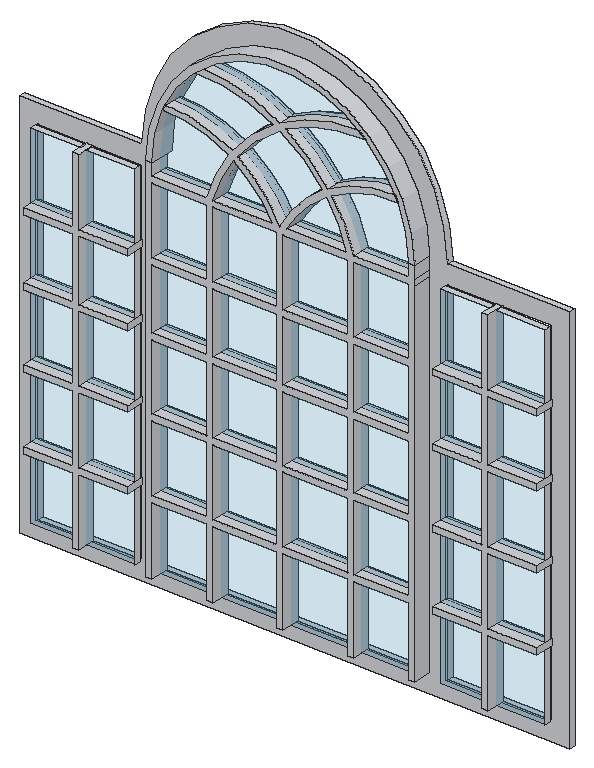
Revit family
Parameters (values of type "yachtclub4")
  Height = 4' - 10"
  Default Sill Height = 3' - 0"
  Trim Projection = 0' - 1"
  Trim Width = 0' - 3"
  Wall Closure = (empty or 0)
  Width = 7' - 0"
  Assembly Code = ""
Reference planes (in)
  plane 1: y = 0
  plane 2 "Center (Left/Right)": x = 0
  plane 3 "Left": x = -42
  plane 4 "Right": x = 42
  plane 5 "Bottom": z = 36
  plane 6 "Top": z = 94
  plane 7 "Exterior": y = 3
  plane 8 "Interior": y = -3
Forms (in)
  Extrusion 1, solid
    sketch origin (90, 3, 0) x (-1, 0, 0) y (0, 0, 1)
      loop
        line (48, 94) -> (48, 36) -> (65, 36) -> (65, 94) -> (48, 94)
      loop
        line (132, 94) -> (115, 94) -> (115, 36) -> (132, 36) -> (132, 94)
      loop
        line (45, 97) -> (45, 33) -> (135, 33) -> (135, 97) -> (115, 97)
        arc (115, 97) -> (90, 122) -> (65, 97) r 25
        line (65, 97) -> (45, 97)
      loop
        arc (112, 97) -> (90, 119) -> (68, 97) r 22
        line (68, 97) -> (68, 94) -> (68, 36) -> (112, 36) -> (112, 94) -> (112, 97)
    from 0 to 1
  Extrusion 2, solid
    sketch origin (0, 3, 0) x (1, 0, 0) y (0, 0, 1)
      loop
        arc (22, 97) -> (0, 119) -> (-22, 97) r 22
        line (-22, 97) -> (-21, 97)
        arc (-21, 97) -> (0, 118) -> (21, 97) r 21
        line (21, 97) -> (22, 97)
    from -1 to 3
  Extrusion 3, solid
    sketch origin (0, 3, 0) x (1, 0, 0) y (0, 0, 1)
      loop
        line (-11, 36) -> (-11, 47.17412) -> (-0.5, 47.17412) -> (-0.5, 36) -> (0.5, 36) -> (0.5, 47.17412) -> (11, 47.17412) -> (11, 36) -> (12, 36) -> (12, 47.17412) -> (21, 47.17412) -> (21, 36) -> (22, 36) -> (22, 94) -> (22, 95) -> (22, 97) -> (21, 97) -> (21, 94.98949) -> (12.001, 94.98949)
        arc (12.001, 94.98949) -> (10.50244, 98.89327) -> (8.39712, 102.50613) r 25.98482
        arc (8.39712, 102.50613) -> (13.64226, 104.6923) -> (19.29016, 105.31844) r 20.0416
        line (19.29016, 105.31844) -> (18.82091, 106.30849)
        arc (18.82091, 106.30849) -> (13.1115, 105.56778) -> (7.8167, 103.30701) r 21.03725
        arc (7.8167, 103.30701) -> (4.68228, 106.77053) -> (0.97843, 109.61695) r 25.98681
        arc (0.97843, 109.61695) -> (7.28632, 112.01668) -> (14.00633, 112.64091) r 24.98948
        line (14.00633, 112.64091) -> (12.98445, 113.6688)
        arc (12.98445, 113.6688) -> (6.26552, 112.7977) -> (0, 110.21969) r 25.99082
        arc (0, 110.21969) -> (-6.26552, 112.7977) -> (-12.98445, 113.6688) r 25.99082
        line (-12.98445, 113.6688) -> (-14.00725, 112.64589)
        arc (-14.00725, 112.64589) -> (-7.29033, 112.02223) -> (-0.98492, 109.62477) r 24.99082
        arc (-0.98492, 109.62477) -> (-4.69023, 106.77648) -> (-7.82555, 103.31066) r 25.99071
        arc (-7.82555, 103.31066) -> (-13.11738, 105.56964) -> (-18.82334, 106.31019) r 21.0348
        line (-18.82334, 106.31019) -> (-19.28478, 105.32405)
        arc (-19.28478, 105.32405) -> (-13.64097, 104.70087) -> (-8.39823, 102.52034) r 20.04843
        arc (-8.39823, 102.52034) -> (-10.50003, 98.90726) -> (-11.99549, 95.004) r 25.99183
        line (-11.99549, 95.004) -> (-21, 95.004) -> (-21, 97) -> (-22, 97) -> (-22, 95) -> (-22, 94) -> (-22, 58) -> (-22, 36) -> (-21, 36) -> (-21, 47.17412) -> (-12, 47.17412) -> (-12, 36) -> (-11, 36)
      loop
        line (11, 94) -> (0.5, 94) -> (0.5, 83) -> (11, 83) -> (11, 94)
      loop
        line (12, 94) -> (12, 83) -> (21, 83) -> (21, 94) -> (12, 94)
      loop
        line (-0.5, 94) -> (-11, 94) -> (-11, 83) -> (-0.5, 83) -> (-0.5, 94)
      loop
        line (-10.96546, 94.99999) -> (-1.13547, 94.99999)
        arc (-1.13547, 94.99999) -> (-3.93313, 98.86798) -> (-7.56644, 101.96433) r 20.03477
        arc (-7.56644, 101.96433) -> (-9.53754, 98.61471) -> (-10.96546, 94.99999) r 24.99074
      loop
        line (-12, 94) -> (-21, 94) -> (-21, 83) -> (-12, 83) -> (-12, 94)
      loop
        line (1.12553, 95.00894) -> (10.9555, 95.00894)
        arc (10.9555, 95.00894) -> (9.53032, 98.62679) -> (7.56123, 101.97978) r 24.99272
        arc (7.56123, 101.97978) -> (3.92498, 98.88065) -> (1.12553, 95.00894) r 20.04284
      loop
        line (21, 82) -> (12, 82) -> (12, 72) -> (21, 72) -> (21, 82)
      loop
        line (21, 71) -> (12, 71) -> (12, 60.17412) -> (21, 60.17412) -> (21, 71)
      loop
        line (21, 48.17412) -> (21, 59.17412) -> (12, 59.17412) -> (12, 48.17412) -> (21, 48.17412)
      loop
        line (11, 82) -> (0.5, 82) -> (0.5, 72) -> (11, 72) -> (11, 82)
      loop
        line (-21, 82) -> (-21, 72) -> (-12, 72) -> (-12, 82) -> (-21, 82)
      loop
        line (-0.5, 82) -> (-11, 82) -> (-11, 72) -> (-0.5, 72) -> (-0.5, 82)
      loop
        line (-12, 71) -> (-21, 71) -> (-21, 60.17412) -> (-12, 60.17412) -> (-12, 71)
      loop
        line (-12, 59.17412) -> (-21, 59.17412) -> (-21, 48.17412) -> (-12, 48.17412) -> (-12, 59.17412)
      loop
        line (-0.5, 71) -> (-11, 71) -> (-11, 60.17412) -> (-0.5, 60.17412) -> (-0.5, 71)
      loop
        line (-0.5, 59.17412) -> (-11, 59.17412) -> (-11, 48.17412) -> (-0.5, 48.17412) -> (-0.5, 59.17412)
      loop
        line (11, 71) -> (0.5, 71) -> (0.5, 60.17412) -> (11, 60.17412) -> (11, 71)
      loop
        line (11, 59.17412) -> (0.5, 59.17412) -> (0.5, 48.17412) -> (11, 48.17412) -> (11, 59.17412)
      loop
        arc (-0.00491, 94.99572) -> (2.99497, 99.32538) -> (6.97639, 102.77407) r 21.03647
        arc (6.97639, 102.77407) -> (3.78606, 106.24606) -> (0.00034, 109.05696) r 24.98994
        arc (0.00034, 109.05696) -> (-3.78886, 106.24344) -> (-6.98153, 102.7677) r 24.99064
        arc (-6.98153, 102.7677) -> (-3.00311, 99.32167) -> (-0.00491, 94.99572) r 21.03122
    from 0 to 3
  Extrusion 4, solid
    sketch origin (0, 3, 0) x (1, 0, 0) y (0, 0, 1)
      loop
        line (25, 83) -> (25, 82) -> (33, 82) -> (33, 72) -> (25, 72) -> (25, 71) -> (33, 71) -> (33, 60) -> (25, 60) -> (25, 59) -> (33, 59) -> (33, 48) -> (25, 48) -> (25, 47) -> (33, 47) -> (33, 36) -> (34, 36) -> (34, 47) -> (42, 47) -> (42, 48) -> (34, 48) -> (34, 59) -> (42, 59) -> (42, 60) -> (34, 60) -> (34, 71) -> (42, 71) -> (42, 72) -> (34, 72) -> (34, 82) -> (42, 82) -> (42, 83) -> (34, 83) -> (34, 94) -> (33, 94) -> (33, 83) -> (25, 83)
    from 0 to 3
  Extrusion 5, solid
    sketch origin (-67, 3, 0) x (1, 0, 0) y (0, 0, 1)
      loop
        line (25, 83) -> (25, 82) -> (33, 82) -> (33, 72) -> (25, 72) -> (25, 71) -> (33, 71) -> (33, 60) -> (25, 60) -> (25, 59) -> (33, 59) -> (33, 48) -> (25, 48) -> (25, 47) -> (33, 47) -> (33, 36) -> (34, 36) -> (34, 47) -> (42, 47) -> (42, 48) -> (34, 48) -> (34, 59) -> (42, 59) -> (42, 60) -> (34, 60) -> (34, 71) -> (42, 71) -> (42, 72) -> (34, 72) -> (34, 82) -> (42, 82) -> (42, 83) -> (34, 83) -> (34, 94) -> (33, 94) -> (33, 83) -> (25, 83)
    from 0 to 3
  Extrusion 6, solid
    sketch origin (90, 4, 0) x (-1, 0, 0) y (0, 0, 1)
      loop
        line (48, 94) -> (48, 83) -> (56, 83) -> (56, 94) -> (48, 94)
    from -2.437 to -1.437
  Extrusion 7, solid
    sketch origin (90, 4, 0) x (-1, 0, 0) y (0, 0, 1)
      loop
        line (57, 94) -> (57, 83) -> (65, 83) -> (65, 94) -> (57, 94)
      loop
        line (48, 82) -> (48, 72) -> (56, 72) -> (56, 82) -> (48, 82)
    from -2.437 to -1.437
  Extrusion 8, solid
    sketch origin (90, 4, 0) x (-1, 0, 0) y (0, 0, 1)
      loop
        line (57, 82) -> (57, 72) -> (65, 72) -> (65, 82) -> (57, 82)
      loop
        line (56, 71) -> (48, 71) -> (48, 60) -> (56, 60) -> (56, 71)
      loop
        line (57, 71) -> (57, 60) -> (65, 60) -> (65, 71) -> (57, 71)
      loop
        line (48, 59) -> (48, 48) -> (56, 48) -> (56, 59) -> (48, 59)
      loop
        line (57, 59) -> (57, 48) -> (65, 48) -> (65, 59) -> (57, 59)
      loop
        line (48, 47) -> (48, 36) -> (56, 36) -> (56, 47) -> (48, 47)
      loop
        line (57, 47) -> (57, 36) -> (65, 36) -> (65, 47) -> (57, 47)
    from -2.437 to -1.437
  Extrusion 9, solid
    sketch origin (90, 4, 0) x (-1, 0, 0) y (0, 0, 1)
      loop
        line (69, 94) -> (69, 83) -> (78, 83) -> (78, 94) -> (69, 94)
      loop
        line (79, 94) -> (79, 83) -> (89.5, 83) -> (89.5, 94) -> (79, 94)
      loop
        line (90.5, 94) -> (90.5, 83) -> (101, 83) -> (101, 94) -> (90.5, 94)
      loop
        line (102, 94) -> (102, 83) -> (111, 83) -> (111, 94) -> (102, 94)
      loop
        line (115, 94) -> (115, 83) -> (123, 83) -> (123, 94) -> (115, 94)
      loop
        line (124, 94) -> (124, 83) -> (132, 83) -> (132, 94) -> (124, 94)
      loop
        line (69, 82) -> (69, 72) -> (78, 72) -> (78, 82) -> (69, 82)
      loop
        line (79, 82) -> (79, 72) -> (89.5, 72) -> (89.5, 82) -> (79, 82)
      loop
        line (90.5, 82) -> (90.5, 72) -> (101, 72) -> (101, 82) -> (90.5, 82)
      loop
        line (102, 82) -> (102, 72) -> (111, 72) -> (111, 82) -> (102, 82)
      loop
        line (115, 82) -> (115, 72) -> (123, 72) -> (123, 82) -> (115, 82)
      loop
        line (124, 82) -> (124, 72) -> (132, 72) -> (132, 82) -> (124, 82)
      loop
        line (69, 71) -> (69, 60.17412) -> (78, 60.17412) -> (78, 71) -> (69, 71)
      loop
        line (79, 71) -> (79, 60.17412) -> (89.5, 60.17412) -> (89.5, 71) -> (79, 71)
      loop
        line (90.5, 71) -> (90.5, 60.17412) -> (101, 60.17412) -> (101, 71) -> (90.5, 71)
      loop
        line (102, 60.17412) -> (111, 60.17412) -> (111, 71) -> (102, 71) -> (102, 60.17412)
      loop
        line (69, 48.17412) -> (78, 48.17412) -> (78, 59.17412) -> (69, 59.17412) -> (69, 48.17412)
      loop
        line (79, 48.17412) -> (89.5, 48.17412) -> (89.5, 59.17412) -> (79, 59.17412) -> (79, 48.17412)
      loop
        line (90.5, 48.17412) -> (101, 48.17412) -> (101, 59.17412) -> (90.5, 59.17412) -> (90.5, 48.17412)
      loop
        line (102, 48.17412) -> (111, 48.17412) -> (111, 59.17412) -> (102, 59.17412) -> (102, 48.17412)
      loop
        line (69, 36) -> (78, 36) -> (78, 47.17412) -> (69, 47.17412) -> (69, 36)
      loop
        line (79, 36) -> (89.5, 36) -> (89.5, 47.17412) -> (79, 47.17412) -> (79, 36)
      loop
        line (90.5, 36) -> (101, 36) -> (101, 47.17412) -> (90.5, 47.17412) -> (90.5, 36)
      loop
        line (102, 36) -> (111, 36) -> (111, 47.17412) -> (102, 47.17412) -> (102, 36)
      loop
        line (115, 60) -> (123, 60) -> (123, 71) -> (115, 71) -> (115, 60)
      loop
        line (124, 60) -> (132, 60) -> (132, 71) -> (124, 71) -> (124, 60)
      loop
        line (115, 48) -> (123, 48) -> (123, 59) -> (115, 59) -> (115, 48)
      loop
        line (124, 48) -> (132, 48) -> (132, 59) -> (124, 59) -> (124, 48)
      loop
        line (115, 36) -> (123, 36) -> (123, 47) -> (115, 47) -> (115, 36)
      loop
        line (132, 47) -> (124, 47) -> (124, 36) -> (132, 36) -> (132, 47)
    from -2.437 to -1.437
  Extrusion 10, solid
    sketch origin (0, 3, 0) x (-1, 0, 0) y (0, 0, 1)
      loop
        arc (-19.29016, 105.31844) -> (-20.74847, 100.25385) -> (-21, 94.98949) r 22.70829
        line (-21, 94.98949) -> (-12.001, 94.98949)
        arc (-12.001, 94.98949) -> (-10.50244, 98.89327) -> (-8.39712, 102.50613) r 25.98482
        arc (-8.39712, 102.50613) -> (-13.64226, 104.6923) -> (-19.29016, 105.31844) r 20.0416
      loop
        line (-10.9555, 95.00894) -> (-1.12553, 95.00894)
        arc (-1.12553, 95.00894) -> (-3.92498, 98.88065) -> (-7.56123, 101.97978) r 20.04284
        arc (-7.56123, 101.97978) -> (-9.53032, 98.62679) -> (-10.9555, 95.00894) r 24.99272
      loop
        arc (-18.82091, 106.30849) -> (-13.1115, 105.56778) -> (-7.8167, 103.30701) r 21.03725
        arc (-7.8167, 103.30701) -> (-4.68228, 106.77053) -> (-0.97843, 109.61695) r 25.98681
        arc (-0.97843, 109.61695) -> (-7.28632, 112.01668) -> (-14.00633, 112.64091) r 24.98948
        arc (-14.00633, 112.64091) -> (-16.71924, 109.70707) -> (-18.82091, 106.30849) r 20.79462
      loop
        arc (-0.00034, 109.05696) -> (-3.78606, 106.24606) -> (-6.97639, 102.77407) r 24.98994
        arc (-6.97639, 102.77407) -> (-2.99497, 99.32538) -> (0.00491, 94.99572) r 21.03647
        arc (0.00491, 94.99572) -> (3.00311, 99.32167) -> (6.98153, 102.7677) r 21.03122
        arc (6.98153, 102.7677) -> (3.78886, 106.24344) -> (-0.00034, 109.05696) r 24.99064
      loop
        line (1.13547, 94.99999) -> (10.96546, 94.99999)
        arc (10.96546, 94.99999) -> (9.53754, 98.61471) -> (7.56644, 101.96433) r 24.99074
        arc (7.56644, 101.96433) -> (3.93313, 98.86798) -> (1.13547, 94.99999) r 20.03477
      loop
        line (11.99549, 95.004) -> (21, 95.004)
        arc (21, 95.004) -> (20.7448, 100.26415) -> (19.28478, 105.32405) r 22.70814
        arc (19.28478, 105.32405) -> (13.64097, 104.70087) -> (8.39823, 102.52034) r 20.04843
        arc (8.39823, 102.52034) -> (10.50003, 98.90726) -> (11.99549, 95.004) r 25.99183
      loop
        arc (0.98492, 109.62477) -> (4.69023, 106.77648) -> (7.82555, 103.31066) r 25.99071
        arc (7.82555, 103.31066) -> (13.11738, 105.56964) -> (18.82334, 106.31019) r 21.0348
        arc (18.82334, 106.31019) -> (16.71823, 109.70832) -> (14.00725, 112.64589) r 20.99594
        arc (14.00725, 112.64589) -> (7.29033, 112.02223) -> (0.98492, 109.62477) r 24.99082
      loop
        arc (-12.77369, 113.66832) -> (-6.16372, 112.77044) -> (0, 110.21969) r 25.99082
        arc (0, 110.21969) -> (6.16372, 112.77044) -> (12.77369, 113.66832) r 25.99082
        arc (12.77369, 113.66832) -> (0, 117.91533) -> (-12.77369, 113.66832) r 21.33315
    from -1.437 to -0.437
Lines and regions (in)
  Opening 1
    outline origin (-90, -3, 0) x (1, 0, 0) y (0, 0, 1)
      loop
        line (48, 94) -> (48, 36) -> (132, 36) -> (132, 94) -> (112, 94) -> (112, 97)
        arc (112, 97) -> (90, 119) -> (68, 97) r 22
        line (68, 97) -> (68, 94) -> (48, 94)
Text (in)
  text "EXTERIOR" at (-60.25314, 23.47596, 0), in view "Ref. Level"
  text "INTERIOR" at (-59.52703, -17.27685, 0), in view "Ref. Level"
  text "Exterior" at (0, 47.2975, 123.29936), in view "Left"
  text "Exterior" at (0, 19.21628, 132.11189), in view "Right"
Dimensions and locks (in)
  equal spacing: plane 3 "Left", plane 2 "Center (Left/Right)", plane 4 "Right"
  "Width": plane 3 "Left" to plane 4 "Right"
  "Height": plane 5 "Bottom" to plane 6 "Top"
  "Trim Width": plane 3 "Left" to Extrusion 1 sketch curve
  "Trim Width": plane 6 "Top" to Extrusion 1 sketch curve
  "Trim Width": Extrusion 1 sketch curve to plane 4 "Right"
  "Trim Width": Extrusion 1 sketch curve to plane 5 "Bottom"
  "Trim Projection": Extrusion 1 to Extrusion 1
  "Default Sill Height": level to plane 5 "Bottom"
  locked: plane 7 "Exterior" to host wall at 0
  locked: plane 8 "Interior" to host wall
  Extrusion 9 sketch curve to Extrusion 9 sketch curve = 0' - 0"
  Extrusion 10 sketch curve to Extrusion 10 sketch curve = 0' - 0.00895"
  aligned and locked: plane 6 "Top" to Opening 1 sketch curve
  aligned and locked: plane 5 "Bottom" to Opening 1 sketch curve  (x2)
  aligned and locked: plane 4 "Right" to Opening 1 sketch curve
  aligned and locked: plane 3 "Left" to Opening 1 sketch curve
  aligned and locked: plane 6 "Top" to Extrusion 1 sketch curve
  aligned and locked: plane 5 "Bottom" to Extrusion 1 sketch curve
  aligned and locked: Extrusion 1 to host wall
  aligned: Extrusion 7 to Extrusion 10
  aligned: Extrusion 10 to Extrusion 9
Automatic sketch dimensions
  Extrusion 4 sketch curve to plane 6 "Top" = 0' - 0"
  Extrusion 4 sketch curve to plane 5 "Bottom" = 0' - 0"
  Extrusion 4 sketch curve to plane 4 "Right" = 0' - 0"  (x4)
  plane 4 "Right" to Extrusion 4 sketch curve = 0' - 8"  (x2)
  Extrusion 4 sketch curve to Extrusion 4 sketch curve = 0' - 0"  (x9)
  Extrusion 4 sketch curve to Extrusion 4 sketch curve = 0' - 1"  (x11)
  Extrusion 4 sketch curve to Extrusion 4 sketch curve = 0' - 8"  (x4)
  Extrusion 4 sketch curve to plane 5 "Bottom" = 0' - 11"
  Extrusion 4 sketch curve to Extrusion 4 sketch curve = 0' - 11"  (x2)
  Extrusion 4 sketch curve to Extrusion 4 sketch curve = 0' - 10"
  Extrusion 5 sketch curve to plane 3 "Left" = 0' - 0"  (x4)
  Extrusion 5 sketch curve to plane 6 "Top" = 0' - 0"
  Extrusion 5 sketch curve to plane 5 "Bottom" = 0' - 0"
  Extrusion 5 sketch curve to Extrusion 5 sketch curve = 0' - 8"  (x5)
  Extrusion 5 sketch curve to Extrusion 5 sketch curve = 0' - 0"  (x10)
  Extrusion 5 sketch curve to Extrusion 5 sketch curve = 0' - 1"  (x11)
  Extrusion 5 sketch curve to Extrusion 5 sketch curve = 0' - 11"  (x3)
  Extrusion 5 sketch curve to Extrusion 5 sketch curve = 0' - 10"
  Extrusion 6 sketch curve to Extrusion 1 = 0' - 0"  (x2)
  Extrusion 1 to Extrusion 6 sketch curve = 0' - 8"
  Extrusion 1 to Extrusion 6 sketch curve = 0' - 11"
  Extrusion 7 sketch curve to Extrusion 1 = 0' - 0"  (x3)
  Extrusion 7 sketch curve to Extrusion 7 sketch curve = 0' - 8"  (x2)
  Extrusion 1 to Extrusion 7 sketch curve = 0' - 11"
  Extrusion 7 sketch curve to Extrusion 7 sketch curve = 0' - 1"
  Extrusion 7 sketch curve to Extrusion 7 sketch curve = 0' - 10"
  Extrusion 8 sketch curve to Extrusion 1 = 0' - 0"  (x9)
  Extrusion 1 to Extrusion 8 sketch curve = 0' - 8"  (x2)
  Extrusion 8 sketch curve to Extrusion 8 sketch curve = 0' - 8"
  Extrusion 8 sketch curve to Extrusion 8 sketch curve = 0' - 0"  (x6)
  Extrusion 8 sketch curve to Extrusion 8 sketch curve = 0' - 1"  (x6)
  Extrusion 8 sketch curve to Extrusion 8 sketch curve = 0' - 11"  (x3)
  Extrusion 8 sketch curve to Extrusion 8 sketch curve = 0' - 10"
  Extrusion 9 sketch curve to Extrusion 1 = 0' - 0"  (x21)
  Extrusion 1 to Extrusion 9 sketch curve = 0' - 1"  (x9)
  Extrusion 9 sketch curve to Extrusion 9 sketch curve = 0' - 0"  (x31)
  Extrusion 9 sketch curve to Extrusion 9 sketch curve = 0' - 9"  (x3)
  Extrusion 9 sketch curve to Extrusion 9 sketch curve = 0' - 1"  (x34)
  Extrusion 9 sketch curve to Extrusion 9 sketch curve = 0' - 10 1/2"  (x6)
  Extrusion 9 sketch curve to Extrusion 9 sketch curve = 0' - 8"  (x2)
  Extrusion 1 to Extrusion 9 sketch curve = 0' - 8"
  Extrusion 9 sketch curve to Extrusion 9 sketch curve = 0' - 11"  (x5)
  Extrusion 1 to Extrusion 9 sketch curve = 0' - 11.17412"
  Extrusion 9 sketch curve to Extrusion 9 sketch curve = 0' - 0.17412"
  Extrusion 9 sketch curve to Extrusion 9 sketch curve = 0' - 10.82588"  (x2)
  Extrusion 9 sketch curve to Extrusion 9 sketch curve = 0' - 10"  (x3)
  Extrusion 1 sketch curve to Extrusion 1 sketch curve = 0' - 0"  (x2)
  Extrusion 1 sketch curve to plane 4 "Right" = 0' - 0"
  Extrusion 1 sketch curve to plane 5 "Bottom" = 0' - 0"  (x2)
  Extrusion 1 sketch curve to plane 6 "Top" = 0' - 0"  (x3)
  Extrusion 1 sketch curve to plane 2 "Center (Left/Right)" = 0' - 0"
  Extrusion 1 sketch curve to plane 3 "Left" = 0' - 0"
  plane 4 "Right" to Extrusion 1 sketch curve = 1' - 5"  (x2)
  Extrusion 1 sketch curve to Extrusion 1 sketch curve = 0' - 3"  (x2)
  Extrusion 2 sketch curve to Extrusion 2 sketch curve = 0' - 0"  (x2)
  Extrusion 2 sketch curve to plane 2 "Center (Left/Right)" = 0' - 0"
  Extrusion 2 sketch curve to plane 6 "Top" = 0' - 3"
  Extrusion 2 sketch curve to plane 2 "Center (Left/Right)" = 1' - 9"
  Extrusion 2 sketch curve to Extrusion 2 sketch curve = 0' - 1"
  Opening 1 sketch curve to plane 2 "Center (Left/Right)" = 0' - 0"
  Opening 1 sketch curve to plane 6 "Top" = 0' - 0"
  Opening 1 sketch curve to Opening 1 sketch curve = 1' - 8"
  Opening 1 sketch curve to plane 6 "Top" = 0' - 3"
  Extrusion 3 sketch curve to plane 6 "Top" = 0' - 0"  (x6)
  Extrusion 3 sketch curve to plane 5 "Bottom" = 0' - 0"  (x5)
  Extrusion 3 sketch curve to plane 2 "Center (Left/Right)" = 0' - 0"
  Extrusion 3 sketch curve to plane 2 "Center (Left/Right)" = 0' - 0.00491"
  Extrusion 3 sketch curve to plane 2 "Center (Left/Right)" = 0' - 0 1/2"  (x5)
  Extrusion 3 sketch curve to plane 2 "Center (Left/Right)" = 0' - 0.98492"
  Extrusion 3 sketch curve to Extrusion 3 sketch curve = 0' - 1.13056"
  Extrusion 3 sketch curve to plane 2 "Center (Left/Right)" = 0' - 6.98153"
  Extrusion 3 sketch curve to Extrusion 3 sketch curve = 0' - 0.58491"
  Extrusion 3 sketch curve to Extrusion 3 sketch curve = 0' - 0.84402"
  Extrusion 3 sketch curve to Extrusion 3 sketch curve = 0' - 0.57268"
  Extrusion 3 sketch curve to plane 6 "Top" = 0' - 1"
  Extrusion 3 sketch curve to Extrusion 3 sketch curve = 0' - 3.39903"
  Extrusion 3 sketch curve to Extrusion 3 sketch curve = 0' - 10 1/2"  (x6)
  Extrusion 3 sketch curve to Extrusion 3 sketch curve = 0' - 0"  (x27)
  Extrusion 3 sketch curve to Extrusion 3 sketch curve = 0' - 1.03003"
  Extrusion 3 sketch curve to Extrusion 3 sketch curve = 0' - 1"  (x22)
  Extrusion 3 sketch curve to Extrusion 3 sketch curve = 0' - 0.92848"
  Extrusion 3 sketch curve to Extrusion 3 sketch curve = 0' - 0.00938"
  Extrusion 3 sketch curve to Extrusion 3 sketch curve = 0' - 0.00023"
  Extrusion 3 sketch curve to Extrusion 3 sketch curve = 0' - 0.00006"  (x2)
  Extrusion 3 sketch curve to Extrusion 3 sketch curve = 0' - 0.00199"
  Extrusion 3 sketch curve to Extrusion 3 sketch curve = 0' - 0.00272"
  Extrusion 3 sketch curve to Extrusion 3 sketch curve = 0' - 5.1589"
  Extrusion 3 sketch curve to Extrusion 3 sketch curve = 0' - 1.02281"
  Extrusion 3 sketch curve to Extrusion 3 sketch curve = 0' - 5.70048"
  Extrusion 3 sketch curve to Extrusion 3 sketch curve = 0' - 0.01117"
  Extrusion 3 sketch curve to Extrusion 3 sketch curve = 0' - 0.00005"
  Extrusion 3 sketch curve to Extrusion 3 sketch curve = 0' - 0.00144"
  Extrusion 3 sketch curve to Extrusion 3 sketch curve = 0' - 4.81609"
  Extrusion 3 sketch curve to Extrusion 3 sketch curve = 0' - 0.46144"
  Extrusion 3 sketch curve to Extrusion 3 sketch curve = 0' - 9"  (x3)
  Extrusion 3 sketch curve to plane 6 "Top" = 0' - 3"
  Extrusion 3 sketch curve to Extrusion 3 sketch curve = 0' - 1.71522"
  Extrusion 3 sketch curve to Extrusion 3 sketch curve = 0' - 2.34633"
  plane 2 "Center (Left/Right)" to Extrusion 3 sketch curve = 0' - 0.00034"
  plane 2 "Center (Left/Right)" to Extrusion 3 sketch curve = 0' - 0 1/2"  (x5)
  plane 2 "Center (Left/Right)" to Extrusion 3 sketch curve = 0' - 0.97843"
  plane 2 "Center (Left/Right)" to Extrusion 3 sketch curve = 0' - 1.12553"
  plane 2 "Center (Left/Right)" to Extrusion 3 sketch curve = 0' - 6.97639"
  Extrusion 3 sketch curve to Extrusion 3 sketch curve = 0' - 0.58484"
  Extrusion 3 sketch curve to Extrusion 3 sketch curve = 0' - 0.84031"
  Extrusion 3 sketch curve to Extrusion 3 sketch curve = 0' - 0.83589"
  Extrusion 3 sketch curve to plane 6 "Top" = 0' - 1.00894"
  Extrusion 3 sketch curve to Extrusion 3 sketch curve = 0' - 3.39427"
  Extrusion 3 sketch curve to Extrusion 3 sketch curve = 0' - 0.001"
  Extrusion 3 sketch curve to Extrusion 3 sketch curve = 0' - 0.92107"
  Extrusion 3 sketch curve to Extrusion 3 sketch curve = 0' - 0.01544"
  Extrusion 3 sketch curve to Extrusion 3 sketch curve = 0' - 0.00069"
  Extrusion 3 sketch curve to Extrusion 3 sketch curve = 0' - 0.00095"
  Extrusion 3 sketch curve to Extrusion 3 sketch curve = 0' - 0.00013"
  Extrusion 3 sketch curve to Extrusion 3 sketch curve = 0' - 0.00679"
  Extrusion 3 sketch curve to Extrusion 3 sketch curve = 0' - 5.16774"
  Extrusion 3 sketch curve to Extrusion 3 sketch curve = 0' - 1.02188"
  Extrusion 3 sketch curve to Extrusion 3 sketch curve = 0' - 5.70229"
  Extrusion 3 sketch curve to Extrusion 3 sketch curve = 0' - 0.00312"
  Extrusion 3 sketch curve to Extrusion 3 sketch curve = 0' - 0.00092"
  Extrusion 3 sketch curve to Extrusion 3 sketch curve = 0' - 0.00082"
  Extrusion 3 sketch curve to Extrusion 3 sketch curve = 0' - 4.81458"
  Extrusion 3 sketch curve to Extrusion 3 sketch curve = 0' - 0.46925"
  Extrusion 3 sketch curve to Extrusion 3 sketch curve = 0' - 11.17412"  (x2)
  Extrusion 3 sketch curve to Extrusion 3 sketch curve = 0' - 9.82588"
  Extrusion 3 sketch curve to Extrusion 3 sketch curve = 0' - 1.17412"
  Extrusion 3 sketch curve to Extrusion 3 sketch curve = 0' - 11"
  Extrusion 3 sketch curve to Extrusion 3 sketch curve = 0' - 10.82588"
  Extrusion 3 sketch curve to Extrusion 3 sketch curve = 0' - 10"  (x3)
  Extrusion 3 sketch curve to Extrusion 3 sketch curve = 0' - 2.27196"
  Extrusion 3 sketch curve to Extrusion 3 sketch curve = 0' - 2.27275"
  Extrusion 3 sketch curve to Extrusion 3 sketch curve = 0' - 0.00215"
  Extrusion 3 sketch curve to Extrusion 3 sketch curve = 0' - 0.00335"
  Extrusion 3 sketch curve to Extrusion 3 sketch curve = 0' - 0.00003"  (x2)
  Extrusion 3 sketch curve to Extrusion 3 sketch curve = 0' - 0.01066"
  Extrusion 3 sketch curve to Extrusion 3 sketch curve = 0' - 0.00987"
  Extrusion 3 sketch curve to Extrusion 3 sketch curve = 0' - 0.00223"
  Extrusion 3 sketch curve to Extrusion 3 sketch curve = 0' - 0.02613"
  Extrusion 3 sketch curve to Extrusion 3 sketch curve = 0' - 0.01326"
  Extrusion 3 sketch curve to Extrusion 3 sketch curve = 0' - 0.02081"
  Extrusion 3 sketch curve to Extrusion 3 sketch curve = 0' - 0.0011"
  Extrusion 3 sketch curve to Extrusion 3 sketch curve = 0' - 0.00494"
  Extrusion 3 sketch curve to Extrusion 3 sketch curve = 0' - 0.00089"
  Extrusion 3 sketch curve to Extrusion 3 sketch curve = 0' - 0.00255"
  Extrusion 3 sketch curve to Extrusion 3 sketch curve = 0' - 0.00865"
  Extrusion 3 sketch curve to Extrusion 3 sketch curve = 0' - 0.98949"
  Extrusion 3 sketch curve to plane 6 "Top" = 0' - 1.004"
  Extrusion 3 sketch curve to Extrusion 3 sketch curve = 0' - 2.01051"
  Extrusion 3 sketch curve to Extrusion 3 sketch curve = 0' - 0.80087"
  Extrusion 3 sketch curve to Extrusion 3 sketch curve = 0' - 0.79032"
  Extrusion 3 sketch curve to Extrusion 3 sketch curve = 0' - 0.60274"
  Extrusion 10 sketch curve to Extrusion 3 = 0' - 0"  (x11)
  Extrusion 3 to Extrusion 10 sketch curve = 0' - 0.77369"
  Extrusion 10 sketch curve to Extrusion 3 = 0' - 0.45892"
  Extrusion 3 to Extrusion 10 sketch curve = 0' - 0.12137"
  Extrusion 10 sketch curve to Extrusion 3 = 0' - 0 1/2"
  Extrusion 3 to Extrusion 10 sketch curve = 0' - 0.00242"
  Extrusion 10 sketch curve to Extrusion 3 = 0' - 0.45478"
  Extrusion 10 sketch curve to Extrusion 3 = 0' - 0.41782"
  radius of Extrusion 10 sketch curve to Extrusion 3 = 0' - 0"  (x20)
